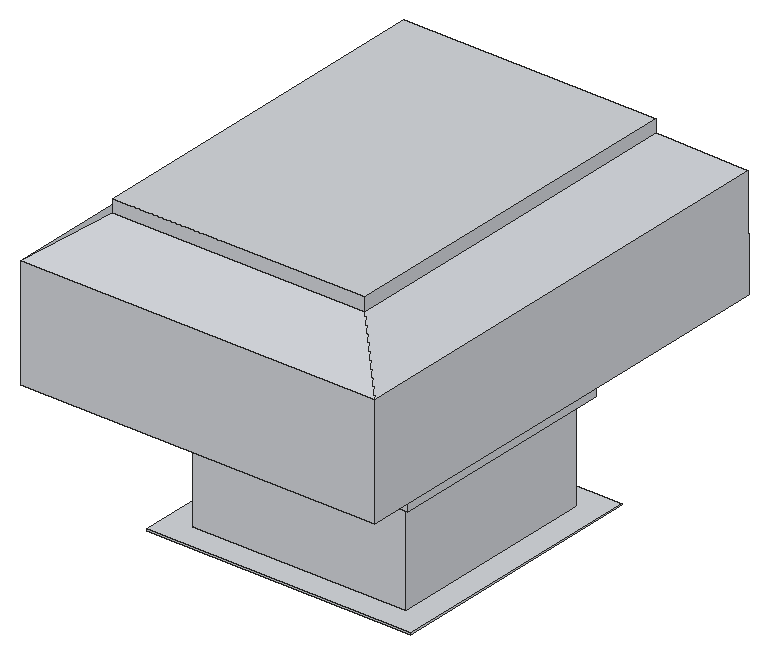
Revit family "TLC-D", category Mechanical Equipment, Revit 2019
Family settings
  Round Connector Dimension = Use Diameter
  Part Type = Normal
  Work Plane-Based = No
  Always vertical = Yes
  Cut with Voids When Loaded = No
  Shared = No
  Room Calculation Point = No
Parameters (values of type "100_TLC-D")
  Unit Weight [instance] = ""
  Sones [instance] = ""
  RO/2 = RO / 2  # 0' - 6 3/4"
  Motor RPM [instance] = ""
  Motor Enclosure [instance] = ""
  ModelID [instance] = ""
  LwA [instance] = ""
  CURB_HEIGHT [instance] = 0' - 9 1/2"
  CURB [instance] = yes
  C/2 = C / 2  # 1' - 1 3/4"
  D/2 = D / 2  # 1' - 6 1/8"
  RO = T_SQ - 0' 4 1/2"  # 1' - 1 1/2"
  T_SQ/2 = T_SQ / 2  # 0' - 9"
  Fan RPM [instance] = ""
  T_SQ = 1' - 6"
  C = 2' - 3 1/2"
  D = 3' - 0 1/4"
  B/2 = B / 2  # 0' - 2 3/8"
  B = 0' - 4 3/4"
  Brake Hp [instance] = ""
  G/2 = G / 2  # 0' - 1"
  G-.125" = G - 0' 0 1/8"  # 0' - 1 7/8"
  B-G = B - G  # 0' - 2 3/4"
  Accessories [instance] = ""
  A-B = A - B  # 1' - 0 5/8"
  G = 0' - 2"
  A/2 = A / 2  # 0' - 8 11/16"
  A-1.5" = A - 0' 1 1/2"  # 1' - 3 7/8"
  A = 1' - 5 3/8"
  4" = 0' - 4"  # constant formula
  2' = 2' - 0"
  2" = 0' - 2"  # constant formula
  1" = 0' - 1"  # constant formula
  0 = 0' - 0"  # constant formula
  Voltage [instance] = 0 V
  URL = "www.lorencook.com"
  Type Comments = "Tiered Low-Contour Downblast Centrifugal Exhauswt Ventilator Roof Mounted/Direct Drive"  # constant formula
  Static Pressure [instance] = 0.00 in-wg
  Power [instance] = Voltage * Motor FLA * sqrt(if(Phase = 3, 3, 1))  # 0 VA
  Phase [instance] = 0
  Number of Poles [instance] = 1
  Motor Hp [instance] = "0"
  Motor FLA [instance] = 0 A
  Model = "TLC-D"  # constant formula
  Manufacturer = "Loren Cook Company"
  CFM [instance] = 0 CFM
  1.5 = 0' - 1 1/2"  # constant formula
  ONE EIGTH = 0' - 0 1/8"  # constant formula
  -D/2 = -D / 2  # -1' - 6 1/8"
  -(B/2) = -(B / 2)  # -0' - 2 3/8"
  -(A/2) = -(A / 2)  # -0' - 8 11/16"
  (T_SQ/2)-2" = (T_SQ / 2) - 0' 2"  # 0' - 7"
  (T_SQ/2)+.125" = (T_SQ / 2) + 0' 0 1/8"  # 0' - 9 1/8"
  (A-B)/2 = (A - B) / 2  # 0' - 6 5/16"
Types (9): name | RO/2 | C/2 | D/2 | RO | T_SQ/2 | T_SQ | C | D | B/2 | B | G/2 | G-.125" | B-G | A-B | G | A/2 | A-1.5" | A | -D/2 | -(B/2) | -(A/2) | (T_SQ/2)-2" | (T_SQ/2)+.125" | (A-B)/2
  (no name) | 0' - 6 3/4" | 1' - 1 3/4" | 1' - 6 1/8" | 1' - 1 1/2" | 0' - 9" | 1' - 6" | 2' - 3 1/2" | 3' - 0 1/4" | 0' - 2 3/8" | 0' - 4 3/4" | 0' - 1" | 0' - 1 7/8" | 0' - 2 3/4" | 1' - 0 5/8" | 0' - 2" | 0' - 8 11/16" | 1' - 3 7/8" | 1' - 5 3/8" | -1' - 6 1/8" | -0' - 2 3/8" | -0' - 8 11/16" | 0' - 7" | 0' - 9 1/8" | 0' - 6 5/16"
  100_TLC-D | 0' - 6 3/4" | 1' - 1 3/4" | 1' - 6 1/8" | 1' - 1 1/2" | 0' - 9" | 1' - 6" | 2' - 3 1/2" | 3' - 0 1/4" | 0' - 2 3/8" | 0' - 4 3/4" | 0' - 1" | 0' - 1 7/8" | 0' - 2 3/4" | 1' - 0 5/8" | 0' - 2" | 0' - 8 11/16" | 1' - 3 7/8" | 1' - 5 3/8" | -1' - 6 1/8" | -0' - 2 3/8" | -0' - 8 11/16" | 0' - 7" | 0' - 9 1/8" | 0' - 6 5/16"
  120_TLC-D | 0' - 7 3/4" | 1' - 2 3/4" | 1' - 6 5/8" | 1' - 3 1/2" | 0' - 10" | 1' - 8" | 2' - 5 1/2" | 3' - 1 1/4" | 0' - 2 15/16" | 0' - 5 7/8" | 0' - 1" | 0' - 1 7/8" | 0' - 3 7/8" | 1' - 4 5/8" | 0' - 2" | 0' - 11 1/4" | 1' - 9" | 1' - 10 1/2" | -1' - 6 5/8" | -0' - 2 15/16" | -0' - 11 1/4" | 0' - 8" | 0' - 10 1/8" | 0' - 8 5/16"
  135_TLC-D | 0' - 7 3/4" | 1' - 2 3/4" | 1' - 6 5/8" | 1' - 3 1/2" | 0' - 10" | 1' - 8" | 2' - 5 1/2" | 3' - 1 1/4" | 0' - 2 15/16" | 0' - 5 7/8" | 0' - 1" | 0' - 1 7/8" | 0' - 3 7/8" | 1' - 4 7/8" | 0' - 2" | 0' - 11 3/8" | 1' - 9 1/4" | 1' - 10 3/4" | -1' - 6 5/8" | -0' - 2 15/16" | -0' - 11 3/8" | 0' - 8" | 0' - 10 1/8" | 0' - 8 7/16"
  150_TLC-D | 0' - 9 3/4" | 1' - 4 3/4" | 1' - 9 1/8" | 1' - 7 1/2" | 1' - 0" | 2' - 0" | 2' - 9 1/2" | 3' - 6 1/4" | 0' - 3 5/8" | 0' - 7 1/4" | 0' - 1" | 0' - 1 7/8" | 0' - 5 1/4" | 1' - 4 5/8" | 0' - 2" | 0' - 11 15/16" | 1' - 10 3/8" | 1' - 11 7/8" | -1' - 9 1/8" | -0' - 3 5/8" | -0' - 11 15/16" | 0' - 10" | 1' - 0 1/8" | 0' - 8 5/16"
  165_TLC-D | 0' - 9 3/4" | 1' - 4 3/4" | 1' - 9 1/8" | 1' - 7 1/2" | 1' - 0" | 2' - 0" | 2' - 9 1/2" | 3' - 6 1/4" | 0' - 3 11/16" | 0' - 7 3/8" | 0' - 1" | 0' - 1 7/8" | 0' - 5 3/8" | 1' - 4 5/8" | 0' - 2" | 1' - 0" | 1' - 10 1/2" | 2' - 0" | -1' - 9 1/8" | -0' - 3 11/16" | -1' - 0" | 0' - 10" | 1' - 0 1/8" | 0' - 8 5/16"
  180_TLC-D | 1' - 0 3/4" | 1' - 7 13/16" | 2' - 1 3/4" | 2' - 1 1/2" | 1' - 3" | 2' - 6" | 3' - 3 5/8" | 4' - 3 1/2" | 0' - 4 1/8" | 0' - 8 1/4" | 0' - 1 1/2" | 0' - 2 7/8" | 0' - 5 1/4" | 1' - 8 1/8" | 0' - 3" | 1' - 2 3/16" | 2' - 2 7/8" | 2' - 4 3/8" | -2' - 1 3/4" | -0' - 4 1/8" | -1' - 2 3/16" | 1' - 1" | 1' - 3 1/8" | 0' - 10 1/16"
  70_TLC-D | 0' - 6 3/4" | 1' - 1 3/4" | 1' - 6 1/8" | 1' - 1 1/2" | 0' - 9" | 1' - 6" | 2' - 3 1/2" | 3' - 0 1/4" | 0' - 2 1/8" | 0' - 4 1/4" | 0' - 1" | 0' - 1 7/8" | 0' - 2 1/4" | 1' - 0 5/8" | 0' - 2" | 0' - 8 7/16" | 1' - 3 3/8" | 1' - 4 7/8" | -1' - 6 1/8" | -0' - 2 1/8" | -0' - 8 7/16" | 0' - 7" | 0' - 9 1/8" | 0' - 6 5/16"
  90_TLC-D | 0' - 6 3/4" | 1' - 1 3/4" | 1' - 6 1/8" | 1' - 1 1/2" | 0' - 9" | 1' - 6" | 2' - 3 1/2" | 3' - 0 1/4" | 0' - 2 3/8" | 0' - 4 3/4" | 0' - 1" | 0' - 1 7/8" | 0' - 2 3/4" | 1' - 0 5/8" | 0' - 2" | 0' - 8 11/16" | 1' - 3 7/8" | 1' - 5 3/8" | -1' - 6 1/8" | -0' - 2 3/8" | -0' - 8 11/16" | 0' - 7" | 0' - 9 1/8" | 0' - 6 5/16"
Reference planes (in)
  plane 1 "Center (Front/Back)": y = 0
  plane 2: z = 0
  plane 3 "Center (Left/Right)": x = 0.40541
Forms (in)
  Extrusion 1, solid
    sketch origin (0, 0, 0) x (1, 0, 0) y (0, 1, 0)
      loop
        line (-8.71959, 9.125) -> (-8.71959, -9.125) -> (9.53041, -9.125) -> (9.53041, 9.125) -> (-8.71959, 9.125)
    from 0 to 2 <- "G"
  Extrusion 2, void
    sketch origin (0, 0, 0) x (1, 0, 0) y (0, 1, 0)
      loop
        line (-8.59459, 9) -> (-8.59459, -9) -> (9.40541, -9) -> (9.40541, 9) -> (-8.59459, 9)
    from 0 to 1.875 <- "G-.125""
  Revolve 3, solid
    sketch origin (0, 0, 0) x (1, 0, 0) y (0, 0, 1)
      loop
        line (0.40541, 2) -> (7.40541, 2)
        arc (7.40541, 2) -> (6.03041, 3.375) -> (7.40541, 4.75) r 1.375
        line (7.40541, 4.75) -> (0.40541, 4.75) -> (0.40541, 2)
      axis (0.40541, 4.75) -> (0.40541, 2)
    angle from 0 to 360
  Extrusion 4, solid
    sketch origin (0, 0, 0) x (1, 0, 0) y (0, 0, 1)
      loop
        line (-13.34459, 4.75) -> (14.15541, 4.75) -> (14.15541, 17.375) -> (-13.34459, 17.375) -> (-13.34459, 4.75)
    from -18.125 <- "-D/2" to 18.125 <- "D/2"
  Extrusion 5, solid
    sketch origin (0, 0, 0) x (1, 0, 0) y (0, 1, 0)
      loop
        line (-8.59459, 9) -> (-8.59459, -9) -> (9.40541, -9) -> (9.40541, 9) -> (-8.59459, 9)
    from 2 <- "G" to 4.75 <- "B"
  Sweep 6, void
    path origin (0, 0, 0) x (1, 0, 0) y (0, 1, 0)
      loop
        line (-13.34459, 18.125) -> (-13.34459, -18.125) -> (14.15541, -18.125) -> (14.15541, 18.125) -> (-13.34459, 18.125)
    profile origin (0.40541, 18.125, 0) x (0, 1, 0) y (0, 0, 1)
      loop
        line (0, 17.375) -> (-4, 17.375) -> (-4, 16.375) -> (0, 13.375) -> (0, 17.375)
  Extrusion 7, solid, visible <- "CURB"
    sketch origin (0, 0, 1.875) x (0, 1, 0) y (1, 0, 0)
      loop
        line (6.75, -6.34459) -> (6.75, 7.15541) -> (-6.75, 7.15541) -> (-6.75, -6.34459) -> (6.75, -6.34459)
      loop
        line (-8.25, 8.65541) -> (-8.25, -7.84459) -> (8.25, -7.84459) -> (8.25, 8.65541) -> (-8.25, 8.65541)
    from 0 to 9.5 <- "CURB_HEIGHT"
  Extrusion 8, solid, visible <- "CURB"
    sketch origin (0, 0, -7.625) x (-1, 0, 0) y (0, 1, 0)
      loop
        line (9.84459, -10.25) -> (9.84459, 10.25) -> (-10.65541, 10.25) -> (-10.65541, -10.25) -> (9.84459, -10.25)
      loop
        line (-8.65541, 8.25) -> (-8.65541, -8.25) -> (7.84459, -8.25) -> (7.84459, 8.25) -> (-8.65541, 8.25)
    from 0 to -0.125
Cuts and joins
  Extrusion 2 cuts Extrusion 1
  Sweep 6 cuts Extrusion 4
Dimensions and locks (in)
  "(T_SQ/2)+.125"": Extrusion 1 sketch curve to plane 3 "Center (Left/Right)"
  "(T_SQ/2)+.125"": plane 3 "Center (Left/Right)" to Extrusion 1 sketch curve
  "(T_SQ/2)+.125"": plane 1 "Center (Front/Back)" to Extrusion 1 sketch curve
  "(T_SQ/2)+.125"": Extrusion 1 sketch curve to plane 1 "Center (Front/Back)"
  "T_SQ/2": Extrusion 2 sketch curve to plane 3 "Center (Left/Right)"
  "T_SQ/2": plane 3 "Center (Left/Right)" to Extrusion 2 sketch curve
  "T_SQ/2": plane 1 "Center (Front/Back)" to Extrusion 2 sketch curve
  "T_SQ/2": Extrusion 2 sketch curve to plane 1 "Center (Front/Back)"
  "B-G": Revolve 3 sketch curve to cut or joined group of Extrusion 1, Extrusion 2
  "(T_SQ/2)-2"": Revolve 3 sketch curve to plane 3 "Center (Left/Right)"
  "0": Revolve 3 sketch curve to plane 3 "Center (Left/Right)"  (x2)
  "0": Revolve 3 sketch curve to cut or joined group of Extrusion 1, Extrusion 2
  "A": Extrusion 4 sketch curve to level
  "0": Extrusion 4 sketch curve to Revolve 3
  "C/2": Extrusion 4 sketch curve to plane 3 "Center (Left/Right)"  (x2)
  "T_SQ/2": Extrusion 5 sketch curve to plane 3 "Center (Left/Right)"
  "T_SQ/2": plane 3 "Center (Left/Right)" to Extrusion 5 sketch curve
  "T_SQ/2": plane 1 "Center (Front/Back)" to Extrusion 5 sketch curve
  "T_SQ/2": Extrusion 5 sketch curve to plane 1 "Center (Front/Back)"
  "0": Sweep 6 sketch curve to Extrusion 4  (x4)
  "0": Extrusion 4 to Sweep 6 sketch curve  (x2)
  "4"": Extrusion 4 to Sweep 6 sketch curve  (x2)
  "1"": Extrusion 4 to Sweep 6 sketch curve
  "1.5": Extrusion 7 sketch curve to Extrusion 7 sketch curve  (x4)
  "RO/2": plane 1 "Center (Front/Back)" to Extrusion 7 sketch curve  (x2)
  "RO/2": plane 3 "Center (Left/Right)" to Extrusion 7 sketch curve
  "RO/2": Extrusion 7 sketch curve to plane 3 "Center (Left/Right)"
  "0": Extrusion 7 to Extrusion 8 sketch curve
  "0": Extrusion 8 sketch curve to Extrusion 7  (x3)
  "2"": Extrusion 8 sketch curve to Extrusion 8 sketch curve  (x4)
Automatic sketch dimensions
  Revolve 3 sketch curve to level = 0' - 4"
  Revolve 3 sketch curve to Revolve 3 sketch curve = 0' - 0"
Connectors (in)
  hvac at (0.40541, 0, 1.875), driven by "RO", driven by "RO", driven by "CFM"
    settings: on cut or joined group of Extrusion 1, Extrusion 2, index 1, duct flow 0 CFM, flow factor 0, pres drop 0.00 in-wg, loss coef 0, conn angle 0.00°, conn width 13 1/2", conn height 13 1/2", conn diameter 24", duct sys type 1, conn prof type 1, flow config 0, flow direction 1, loss method 0, conn ref index -1, conn util no, is conn primary yes, conn desc ""
  electrical at (0.40541, 0, 1.875)
    settings: on cut or joined group of Extrusion 1, Extrusion 2, index 2, voltage 0 V, apparent load 0 VA, apparent load phase1 0 VA, apparent load phase2 0 VA, apparent load phase3 0 VA, power factor 1, load classification "Other", number of poles 1, system type 30, power factor state 1, is connector primary yes, connector utility no, sub classification motor no, connector description ""
